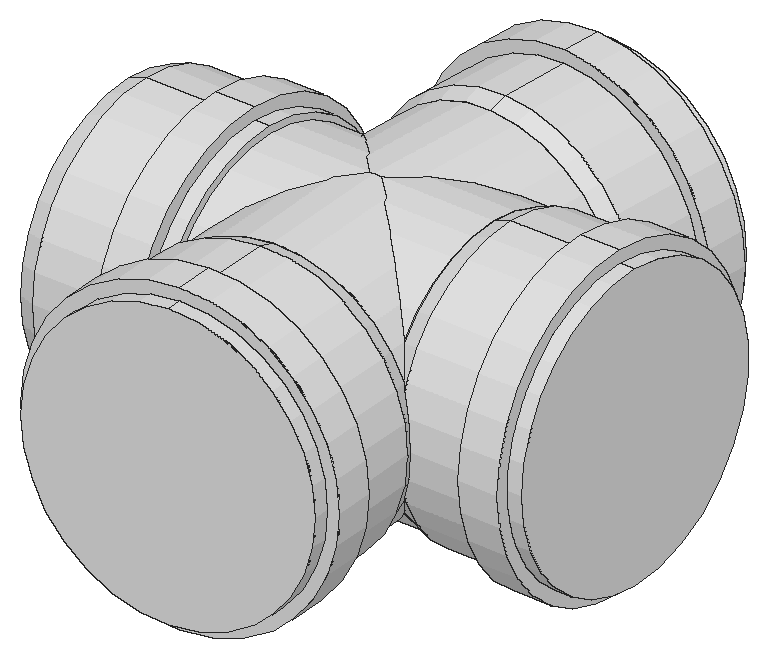
Revit family "EP-Система_Фитинг_НПВХ_Крестовина 45 и 87", category Соединительные детали трубопроводов, Revit 2019
Family settings
  Размер круглого соединителя = Использовать диаметр
  Тип детали = Крестовина
  На основе рабочей плоскости = Нет
  Всегда вертикально = Да
  При загрузке вырезать с полостями = Нет
  Общий = Нет
Parameters (values of type "S = 5 мм")
  Угол [instance] = 87.00°
  Типовой = no
  Раструб Длина [instance] = size_lookup(Поиск в таблице имен, "LR1", ADSK_Диаметр условный * 2, ADSK_Диаметр условный, Диаметр условный 1, Диаметр условный 2, ADSK_Угол, S)  # 67.7 mm
  Раструб Видимость 1.2 [instance] = and(not(Угол > 90.00°), Раструб Подводящий)  # yes
  Раструб Видимость 2.2 [instance] = and(Угол > 90.00°, Раструб Подводящий)  # no
  Поиск в таблице имен 2 = "EP-Система_Фитинг_НПВХ_Крестовина 45 и 87"
  Поиск в таблице имен = "EP-Система_Фитинг_НПВХ_Крестовина 45 и 87"
  Размер засечки 2 [instance] = 40 mm
  Размер засечки 1 [instance] = 40 mm
  Раструб Подводящий [instance] = yes
  Description = ""
  Материал = 05 Пластик ПВХ Белый
  Assembly Code = ""
  Manufacturer = ""
  Раструб Видимость 2.1 [instance] = Угол > 90.00°  # no
  Раструб Видимость 1.1 [instance] = not(Угол > 90.00°)  # yes
  a1 [instance] = Z3 * cos(Угол)  # 4.187 mm
  Z3 [instance] = size_lookup(Поиск в таблице имен, "z3", ADSK_Диаметр условный * 2, ADSK_Диаметр условный, Диаметр условный 1, Диаметр условный 2, ADSK_Угол)  # 80 mm
  Z2 [instance] = if(Угол > 90.00°, if(Раструб Подводящий, size_lookup(Поиск в таблице имен, "z1", ADSK_Диаметр условный * 2, ADSK_Диаметр условный, Диаметр условный 1, Диаметр условный 2, ADSK_Угол, S), size_lookup(Поиск в таблице имен, "z1", ADSK_Диаметр условный * 2, ADSK_Диаметр условный, Диаметр условный 1, Диаметр условный 2, ADSK_Угол, S) + Раструб Длина), size_lookup(Поиск в таблице имен, "z2", ADSK_Диаметр условный * 2, ADSK_Диаметр условный, Диаметр условный 1, Диаметр условный 2, ADSK_Угол, S))  # 70 mm
  Z1 [instance] = if(Угол > 90.00°, size_lookup(Поиск в таблице имен, "z2", ADSK_Диаметр условный * 2, ADSK_Диаметр условный, Диаметр условный 1, Диаметр условный 2, ADSK_Угол, S), if(Раструб Подводящий, size_lookup(Поиск в таблице имен, "z1", ADSK_Диаметр условный * 2, ADSK_Диаметр условный, Диаметр условный 1, Диаметр условный 2, ADSK_Угол, S), size_lookup(Поиск в таблице имен, "z1", ADSK_Диаметр условный * 2, ADSK_Диаметр условный, Диаметр условный 1, Диаметр условный 2, ADSK_Угол, S) + Раструб Длина))  # 62 mm
  URL = ""
  Диаметр условный 1 [instance] = 160 mm
  Диаметр условный 2 [instance] = 160 mm
  S [instance] = 5 mm
  ADSK_Угол [instance] = if(or(Угол < 67.50°, Угол > 112.50°), 45.00°, 87.00°)  # 87.00°
  ADSK_Наименование краткое = "Крестовина"
  ADSK_Наименование [instance] = size_lookup(Поиск в таблице имен, "ADSK_Наименование", "Решение не найдено", ADSK_Диаметр условный, Диаметр условный 1, Диаметр условный 2, ADSK_Угол, S)  # "Крестовина одноплоскостная 87°, DN160x160x160"
  ADSK_Масса_Текст [instance] = ""
  ADSK_Масса [instance] = 0
  ADSK_Марка = ""
  ADSK_Код изделия [instance] = size_lookup(Поиск в таблице имен 2, "ADSK_Код изделия", "Решение не найдено", ADSK_Диаметр условный, Диаметр условный 1, Диаметр условный 2, ADSK_Угол, S)  # "ЕР1600010032"
  ADSK_Завод-изготовитель = "EP-Система"  # constant formula
  ADSK_Единица измерения = "шт."  # constant formula
  ADSK_Диаметр условный [instance] = 160 mm
Types (3, lengths in mm): name | Угол | Раструб Длина | a1 | Z3 | Z2 | Z1 | Диаметр условный 1 | Диаметр условный 2 | S | ADSK_Угол | ADSK_Наименование | ADSK_Код изделия | ADSK_Диаметр условный
  S = 3 мм | 45.00° | 46.3 | 56.569 | 80 | 80 | 20 | 50 | 50 | 3 | 45.00° | "Крестовина одноплоскостная 45°, DN50x50x50" | "ЕР8050005030" | 50
  S = 3.2 мм | 45.00° | 67.7 | 111.016 | 157 | 157 | 25 | 125 | 125 | 3.2 | 45.00° | "Крестовина одноплоскостная 45°, DN125x125x125" | "ЕР8125012532" | 125
  S = 5 мм | 87.00° | 67.7 | 4.187 | 80 | 70 | 62 | 160 | 160 | 5 | 87.00° | "Крестовина одноплоскостная 87°, DN160x160x160" | "ЕР1600010032" | 160
Reference planes
  plane 1 "По центру (Вперед/Назад)": y = 0
  plane 2: z = 0
  plane 3 "По центру (Влево/Вправо)": x = 0
  plane 4: x = -62
  plane 5: x = 70
Forms (mm)
  Extrusion 1, void
    sketch origin (-62, 89.871, 1200) x (0, 1, 0) y (0, 0, 1)
      loop
        circle (-89.871, -1200) r 80
    from 0 to -54.213
  Sweep 2, solid, material "05 Пластик ПВХ Белый" <- "Материал", detail levels fine
    path origin (0, 0, 0) x (1, 0, 0) y (0, 1, 0)
      loop
        line (-62, 0) -> (70, 0)
    profile origin (4, 0, 0) x (0, 1, 0) y (0, 0, 1)
      loop
        circle (0, 0) r 80
  Sweep 3, solid, material "05 Пластик ПВХ Белый" <- "Материал", detail levels fine
    path origin (0, 0, 0) x (1, 0, 0) y (0, 1, 0)
      loop
        line (0, 0) -> (4.187, -79.89)
    profile origin (2.093, -39.945, 0) x (0.99863, 0.052336, 0) y (0, 0, 1)
      loop
        circle (0, 0) r 80
  Sweep 4, solid, material "05 Пластик ПВХ Белый" <- "Материал", detail levels fine
    path origin (0, 0, 0) x (1, 0, 0) y (0, 1, 0)
      loop
        line (0, 0) -> (4.187, 79.89)
    profile origin (2.093, 39.945, 0) x (-0.99863, 0.052336, 0) y (0, 0, 1)
      loop
        circle (0, 0) r 80
Cuts and joins
  Extrusion 1 cuts Sweep 4
  Extrusion 1 cuts Sweep 3
Lines and regions (mm)
  model lines, detail levels coarse+medium
    curve 1: line (70, 0, 0) -> (-62, 0, 0)
    curve 2: line (-62, 0, 0) -> (-62, 211.978, 0)
    curve 3: line (-62, 0, 0) -> (-62, -211.978, 0)
    curve 4: line (70, 0, 0) -> (70, 65.199, 0)
    curve 5: line (70, 0, 0) -> (70, -65.199, 0)
    curve 6: line (0, 0, 0) -> (4.187, -79.89, 0)
    curve 7: line (-35.758, -81.984, 0) -> (44.132, -77.797, 0)
    curve 8: line (0, 0, 0) -> (4.187, 79.89, 0)
    curve 9: line (-35.758, 81.984, 0) -> (44.132, 77.797, 0)
Dimensions and locks
  "Z1": plane 4 to plane 3 "По центру (Влево/Вправо)"
  "Z2": plane 3 "По центру (Влево/Вправо)" to plane 5
  "Z3": Sweep 3 sketch curve to Sweep 3 sketch curve
  "Z3": Sweep 4 sketch curve to Sweep 4 sketch curve
  "Размер засечки 2": curve 7 to curve 6 to curve 7
  "Размер засечки 2": curve 9 to curve 8 to curve 9
  "Z3": curve 6 to curve 6
  "Z3": curve 8 to curve 8
  "a1": plane 3 "По центру (Влево/Вправо)" to curve 6
  "a1": plane 3 "По центру (Влево/Вправо)" to curve 8
  "ADSK_Диаметр условный": diameter of Extrusion 1 sketch curve
  "ADSK_Диаметр условный": diameter of Sweep 2 sketch curve
  "Диаметр условный 2": diameter of Sweep 3 sketch curve
  "Диаметр условный 1": diameter of Sweep 4 sketch curve
  "Угол": angle plane 1 "По центру (Вперед/Назад)" to nested 6
  "Угол": angle nested 5 to plane 1 "По центру (Вперед/Назад)"
  "Угол": angle Sweep 3 sketch curve to plane 1 "По центру (Вперед/Назад)"
  "Угол": angle plane 1 "По центру (Вперед/Назад)" to Sweep 4 sketch curve
  "Угол": angle curve 6 to plane 1 "По центру (Вперед/Назад)"
  "Угол": angle plane 1 "По центру (Вперед/Назад)" to curve 8
  locked: curve 8 to curve 9 (angle 90.00°)
  locked: curve 6 to curve 7 (angle 90.00°)
  aligned and locked: level to plane 2
  aligned and locked: plane 5 to nested 1
  aligned and locked: plane 1 "По центру (Вперед/Назад)" to nested 1
  aligned and locked: plane 4 to nested 2
  aligned and locked: plane 1 "По центру (Вперед/Назад)" to nested 2
  aligned and locked: nested 3 to plane 4
  aligned and locked: nested 4 to plane 5
  aligned and locked: plane 1 "По центру (Вперед/Назад)" to Sweep 2 sketch curve
  aligned and locked: plane 5 to Sweep 2 sketch curve
  aligned and locked: plane 4 to Sweep 2 sketch curve
  aligned and locked: plane 1 "По центру (Вперед/Назад)" to Sweep 3 sketch curve
  aligned and locked: plane 3 "По центру (Влево/Вправо)" to Sweep 3 sketch curve
  aligned and locked: nested 5 to Sweep 3
  aligned and locked: plane 1 "По центру (Вперед/Назад)" to Sweep 4 sketch curve
  aligned and locked: plane 3 "По центру (Влево/Вправо)" to Sweep 4 sketch curve
  aligned and locked: nested 6 to Sweep 4
  aligned and locked: curve 9 to nested 6
Automatic sketch dimensions
  curve 1 to plane 4 = 0 mm
  curve 4 to plane 5 = 0 mm
  curve 3 to curve 7 = 129.994 mm
  curve 7 to curve 5 = 12.598 mm
  curve 4 to curve 9 = 12.598 mm
  curve 9 to curve 2 = 129.994 mm
  Extrusion 1 sketch curve to level = 0 mm
  Extrusion 1 sketch curve to plane 1 "По центру (Вперед/Назад)" = 0 mm
  Sweep 2 sketch curve to level = 0 mm
  Sweep 2 sketch curve to profile plane = 0 mm
  Sweep 3 sketch curve to level = 0 mm
  Sweep 3 sketch curve to profile plane = 0 mm
  level to Sweep 4 sketch curve = 0 mm
  Sweep 4 sketch curve to profile plane = 0 mm
Nested families
  nested 1: "Фитинг_ПП_Раструб(Влож)" at (70, 0, 0), ADSK_Диаметр условный <- "ADSK_Диаметр условный", visible <- "Раструб Видимость 1.1", type "Фитинг_ПП_Раструб(Влож)", detail levels fine
    with Толщина Стенки 2 2.2 mm, Толщина Стенки 1 3.5 mm, Длина 83.25 mm, Диаметр Наружный Трубного Кольца 181 mm, Диаметр Наружный 167 mm, C 32 mm, B 9 mm, ADSK_Диаметр условный 160 mm, A 41 mm
  nested 2: "Фитинг_ПП_Раструб(Влож)" at (-145.25, 0, 0), ADSK_Диаметр условный <- "ADSK_Диаметр условный", visible <- "Раструб Видимость 1.2", type "Фитинг_ПП_Раструб(Влож)", detail levels fine
    with Толщина Стенки 2 2.2 mm, Толщина Стенки 1 3.5 mm, Длина 83.25 mm, Диаметр Наружный Трубного Кольца 181 mm, Диаметр Наружный 167 mm, C 32 mm, B 9 mm, ADSK_Диаметр условный 160 mm, A 41 mm
  nested 3: "Фитинг_ПП_Раструб(Влож)" at (-62, 0, 0) x (-1, 0, 0) z (0, 0, 1), visible <- "Раструб Видимость 2.1", ADSK_Диаметр условный <- "ADSK_Диаметр условный", type "Фитинг_ПП_Раструб(Влож)", detail levels fine
    with Толщина Стенки 2 2.2 mm, Толщина Стенки 1 3.5 mm, Длина 83.25 mm, Диаметр Наружный Трубного Кольца 181 mm, Диаметр Наружный 167 mm, C 32 mm, B 9 mm, ADSK_Диаметр условный 160 mm, A 41 mm
  nested 4: "Фитинг_ПП_Раструб(Влож)" at (153.25, 0, 0) x (-1, 0, 0) z (0, 0, 1), visible <- "Раструб Видимость 2.2", ADSK_Диаметр условный <- "ADSK_Диаметр условный", type "Фитинг_ПП_Раструб(Влож)", detail levels fine
    with Толщина Стенки 2 2.2 mm, Толщина Стенки 1 3.5 mm, Длина 83.25 mm, Диаметр Наружный Трубного Кольца 181 mm, Диаметр Наружный 167 mm, C 32 mm, B 9 mm, ADSK_Диаметр условный 160 mm, A 41 mm
  nested 5: "Фитинг_ПП_Раструб(Влож)" at (4.187, -79.89, 0) x (0.0523, -0.9986, 0) z (0, 0, 1), ADSK_Диаметр условный <- "Диаметр условный 2", type "Фитинг_ПП_Раструб(Влож)", detail levels fine
    with Толщина Стенки 2 2.2 mm, Толщина Стенки 1 3.5 mm, Длина 83.25 mm, Диаметр Наружный Трубного Кольца 181 mm, Диаметр Наружный 167 mm, C 32 mm, B 9 mm, ADSK_Диаметр условный 160 mm, A 41 mm
  nested 6: "Фитинг_ПП_Раструб(Влож)" at (4.187, 79.89, 0) x (0.0523, 0.9986, 0) z (0, 0, 1), ADSK_Диаметр условный <- "Диаметр условный 1", type "Фитинг_ПП_Раструб(Влож)", detail levels fine
    with Толщина Стенки 2 2.2 mm, Толщина Стенки 1 3.5 mm, Длина 83.25 mm, Диаметр Наружный Трубного Кольца 181 mm, Диаметр Наружный 167 mm, C 32 mm, B 9 mm, ADSK_Диаметр условный 160 mm, A 41 mm
Connectors
  piping at (-62, 0, 0), diameter 160, driven by "ADSK_Диаметр условный"
    settings: on Sweep 2, index 1, connector inside diameter 609.6 mm, connector length 0 mm, flow factor 0, pipe flow 0.0 L/s, pressure drop 0.0 Pa, fitting loss kfactor 0, connector angle 0.00°, fixture units 0, engagement length 0 mm, angle of deflection 0.00°, flow configuration 0, flow direction 0, fitting loss method 0, system type 28, joint type 0, gender type 0, connector reference index 2, connector utility 0, adjustable connector no, is connector primary yes, connector description ""
  piping at (70, 0, 0), diameter 160, driven by "ADSK_Диаметр условный"
    settings: on Sweep 2, index 2, connector inside diameter 609.6 mm, connector length 0 mm, flow factor 0, pipe flow 0.0 L/s, pressure drop 0.0 Pa, fitting loss kfactor 0, connector angle 0.00°, fixture units 0, engagement length 0 mm, angle of deflection 0.00°, flow configuration 0, flow direction 0, fitting loss method 0, system type 28, joint type 0, gender type 0, connector reference index 1, connector utility 0, adjustable connector no, is connector primary no, connector description ""
  piping at (4.187, -79.89, 0), diameter 160, driven by "Угол", driven by "Диаметр условный 2"
    settings: on cut or joined group of Extrusion 1, Sweep 3, index 3, connector inside diameter 609.6 mm, connector length 0 mm, flow factor 0, pipe flow 0.0 L/s, pressure drop 0.0 Pa, fitting loss kfactor 0, connector angle 87.00°, fixture units 0, engagement length 0 mm, angle of deflection 0.00°, flow configuration 0, flow direction 0, fitting loss method 0, system type 28, joint type 0, gender type 0, connector reference index 4, connector utility 0, adjustable connector no, is connector primary no, connector description ""
  piping at (4.187, 79.89, 0), diameter 160, driven by "Угол", driven by "Диаметр условный 1"
    settings: on cut or joined group of Extrusion 1, Sweep 4, index 4, connector inside diameter 609.6 mm, connector length 0 mm, flow factor 0, pipe flow 0.0 L/s, pressure drop 0.0 Pa, fitting loss kfactor 0, connector angle 87.00°, fixture units 0, engagement length 0 mm, angle of deflection 0.00°, flow configuration 0, flow direction 0, fitting loss method 0, system type 28, joint type 0, gender type 0, connector reference index 3, connector utility 0, adjustable connector no, is connector primary no, connector description ""
Definition of nested family "Фитинг_ПП_Раструб(Влож)"
  Parameters (values of type "CISP_Фитинг_ПП_Раструб")
    Толщина Стенки 2 [instance] = size_lookup(Поиск в таблице имен, "e3", 1 mm, ADSK_Диаметр условный)  # 1.5 mm
    Толщина Стенки 1 [instance] = size_lookup(Поиск в таблице имен, "e2", 1 mm, ADSK_Диаметр условный)  # 2.4 mm
    Поиск в таблице имен = "CISP_Фитинг_ПП_Раструб"
    Материал = none
    Длина [instance] = A + C + A / 4  # 67 mm
    Диаметр Наружный Трубного Кольца [instance] = ADSK_Диаметр условный + 2 * Толщина Стенки 1 + 4 * Толщина Стенки 1  # 124.4 mm
    Диаметр Наружный [instance] = ADSK_Диаметр условный + 2 * Толщина Стенки 1  # 114.8 mm
    C [instance] = size_lookup(Поиск в таблице имен, "C", 1 mm, ADSK_Диаметр условный)  # 22 mm
    B [instance] = size_lookup(Поиск в таблице имен, "B", 1 mm, ADSK_Диаметр условный)  # 6 mm
    ADSK_Диаметр условный [instance] = 110 mm
    A [instance] = size_lookup(Поиск в таблице имен, "A", 1 mm, ADSK_Диаметр условный)  # 36 mm
  Reference planes
    plane 1 "По центру (Вперед/Назад)": y = 0
    plane 2: z = 0
    plane 3 "По центру (Влево/Вправо)": x = 0
    plane 4: x = 67
    plane 5: z = 57.4
    plane 6: z = -57.4
    plane 7: x = 45
    plane 8: x = 61
    plane 9: x = 9
    plane 10: z = 62.2
    plane 11: z = -62.2
    plane 12: z = 55
    plane 13: z = -55
  Forms (mm)
    Sweep 1, solid, material <- "Материал"
      path origin (0, 0, 0) x (1, 0, 0) y (0, 0, 1)
        loop
          line (9, 0) -> (67, 0)
      profile origin (38, 0, 0) x (0, 0, 1) y (0, -1, 0)
        loop
          circle (0, 0) r 57.4
    SweptBlend 2, solid, material <- "Материал"
      path origin (0, 0, 0) x (1, 0, 0) y (0, 0, 1)
        loop
          line (0, 0) -> (9, 0)
      profile origin (0, 0, 0) x (0, 0, 1) y (0, -1, 0)
        loop
          circle (0, 0) r 55
      end profile origin (9, 0, 0) x (0, 0, 1) y (0, -1, 0)
        loop
          circle (0, 0) r 57.4
    Sweep 3, solid, material <- "Материал"
      path origin (0, 0, 0) x (1, 0, 0) y (0, 0, 1)
        loop
          line (45, 0) -> (61, 0)
      profile origin (53, 0, 0) x (0, 0, 1) y (0, -1, 0)
        loop
          circle (0, 0) r 62.2
  Cuts and joins
    joined: Sweep 1, SweptBlend 2, Sweep 3
  Dimensions and locks
    "Длина": plane 4 to plane 3 "По центру (Влево/Вправо)"
    equal spacing: plane 5, level, plane 6
    "Диаметр Наружный": plane 5 to plane 6
    "C": plane 4 to plane 7
    "A": plane 7 to plane 9
    "B": plane 4 to plane 8
    equal spacing: plane 12, level, plane 13
    "ADSK_Диаметр условный": plane 12 to plane 13
    equal spacing: plane 10, level, plane 11
    "Диаметр Наружный Трубного Кольца": plane 10 to plane 11
    "Диаметр Наружный": diameter of Sweep 1 sketch curve
    "ADSK_Диаметр условный": diameter of SweptBlend 2 sketch curve
    "Диаметр Наружный": diameter of SweptBlend 2 sketch curve
    "Диаметр Наружный Трубного Кольца": diameter of Sweep 3 sketch curve
    aligned and locked: level to plane 2
    aligned and locked: plane 9 to Sweep 1 sketch curve
    aligned and locked: Sweep 1 sketch curve to plane 2
    aligned and locked: plane 4 to Sweep 1 sketch curve
    aligned and locked: plane 3 "По центру (Влево/Вправо)" to SweptBlend 2 sketch curve
    aligned and locked: plane 9 to SweptBlend 2 sketch curve
    aligned and locked: SweptBlend 2 sketch curve to level
    aligned and locked: plane 7 to Sweep 3 sketch curve
    aligned and locked: plane 8 to Sweep 3 sketch curve
    aligned and locked: Sweep 3 sketch curve to plane 2
  Automatic sketch dimensions
    Sweep 1 sketch curve to plane 1 "По центру (Вперед/Назад)" = 0 mm
    profile plane to Sweep 1 sketch curve = 0 mm
    SweptBlend 2 sketch curve to plane 1 "По центру (Вперед/Назад)" = 0 mm  (x2)
    profile plane to SweptBlend 2 sketch curve = 0 mm  (x2)
    Sweep 3 sketch curve to plane 1 "По центру (Вперед/Назад)" = 0 mm
    profile plane to Sweep 3 sketch curve = 0 mm
